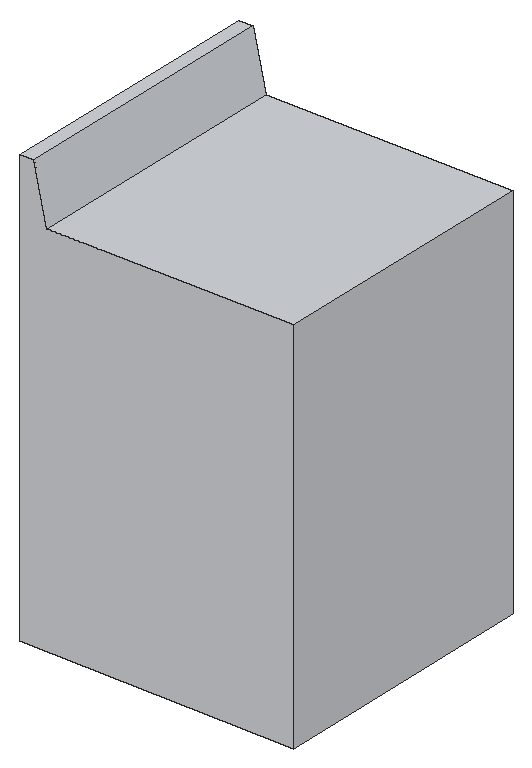
Revit family "59dad78e3dee4d04aa8c767711f6f21a", category Plumbing Fixtures, Revit 2021
Family settings
  Round Connector Dimension = Use Radius
  Part Type = Normal
  OmniClass Number = 23.45.70.11.11.11
  OmniClass Title = Washing Machines
  Seek Item ID = Washing Machine-0000-USA-ENU
  Work Plane-Based = No
  Always vertical = Yes
  Cut with Voids When Loaded = No
  Shared = No
  Room Calculation Point = No
Parameters (values of type "26"x26" - Public")
  Sanitary Radius = 1"
  Sanitary Diameter = Sanitary Radius * 2  # 2"
  Washing Machine Material = none
  Washing Machine Width = 2' - 2"
  Washing Machine Length = 2' - 2"
  Washing Machine Height = 3' - 0"
  WFU = 3
  Voltage = 120 V
  Number of Poles = 1
  Load Classification = Electric Clothes Dryer
  Hot Water Radius = 1/2"
  Hot Water Diameter = Hot Water Radius * 2  # 1"
  Half Washing Machine Width = Washing Machine Width / 2  # 1' - 1"
  HWFU = 2.25
  Flow Pressure [instance] = 8.00 psi
  Default Elevation = 0' - 0"
  Cold Water Radius = 1/2"
  Cold Water Diameter = Cold Water Radius * 2  # 1"
  CWFU = 2.25
  Assembly Code = ""
  Apparent Load = 600 VA
Types (4): name | Washing Machine Width | WFU | Half Washing Machine Width | HWFU | CWFU
  26"x26" - Private | 2' - 2" | 2 | 1' - 1" | 1 | 1
  26"x30" - Private | 2' - 6" | 2 | 1' - 3" | 1 | 1
  26"x26" - Public | 2' - 2" | 3 | 1' - 1" | 2.25 | 2.25
  26"x30" - Public | 2' - 6" | 3 | 1' - 3" | 2.25 | 2.25
Reference planes (in)
  plane 1 "Center (Front/Back)": y = 0
  plane 2: z = 0
  plane 3 "Center (Left/Right)": x = 0
  plane 4: y = 13
  plane 5: y = -13
  plane 6: x = 26
  plane 7: x = 1.3125
  plane 8: x = 2.59375
  plane 9: z = 36
  plane 10: z = 41.40625
Forms (in)
  Extrusion 1, solid, material <- "Washing Machine Material"
    sketch origin (0, 0, 0) x (1, 0, 0) y (0, 0, 1)
      loop
        line (26, 36) -> (2.59375, 36) -> (1.3125, 41.40625) -> (0, 41.40625) -> (0, 0) -> (26, 0) -> (26, 36)
    from -13 to 13
Dimensions and locks (in)
  "Half Washing Machine Width": plane 4 to plane 1 "Center (Front/Back)"
  "Half Washing Machine Width": plane 5 to plane 1 "Center (Front/Back)"
  "Washing Machine Length": plane 3 "Center (Left/Right)" to plane 6
  locked: plane 3 "Center (Left/Right)" to plane 7 at 1.3125
  locked: plane 7 to plane 8 at 1.28125
  "Washing Machine Height": plane 2 to plane 9
  locked: plane 10 to plane 9 at 5.40625
  locked: plane 1 "Center (Front/Back)" to connector elem at 4
  locked: plane 9 to connector elem at 12  (x2)
  locked: connector elem to plane 1 "Center (Front/Back)" at 4
  locked: level to connector elem at 4
  connector elem to plane 9 = 2' - 8"
  locked: connector elem to plane 1 "Center (Front/Back)" at 9.125
  aligned and locked: plane 6 to Extrusion 1 sketch curve
  aligned and locked: plane 9 to Extrusion 1 sketch curve
  aligned and locked: Extrusion 1 sketch curve to plane 3 "Center (Left/Right)"
  aligned and locked: plane 10 to Extrusion 1 sketch curve
  aligned and locked: plane 7 to Extrusion 1 sketch curve
  aligned and locked: plane 8 to Extrusion 1 sketch curve
  aligned and locked: Extrusion 1 to plane 5
  aligned and locked: plane 4 to Extrusion 1
Automatic sketch dimensions
  Extrusion 1 sketch curve to level = 0' - 0"
Connectors (in)
  piping at (0, 4, 24), diameter 1, driven by "Cold Water Radius", driven by "CWFU", driven by "Flow Pressure"
    settings: on plane 3 "Center (Left/Right)", index 1, connector inside diameter 1", connector length 0' - 0", flow factor 0, pipe flow 0 GPM, pressure drop 8.00 psi, fitting loss kfactor 0, connector angle 0.00°, fixture units 2.25, engagement length 0' - 0", angle of deflection 0.00°, flow configuration 3, flow direction 1, fitting loss method 4, system type 20, joint type 0, gender type 0, connector reference index -1, connector utility 0, adjustable connector no, is connector primary yes, connector description "In"
  piping at (0, -4, 24), diameter 1, driven by "Hot Water Radius", driven by "Flow Pressure", driven by "HWFU"
    settings: on plane 3 "Center (Left/Right)", index 2, connector inside diameter 1", connector length 0' - 0", flow factor 0, pipe flow 0 GPM, pressure drop 8.00 psi, fitting loss kfactor 0, connector angle 0.00°, fixture units 2.25, engagement length 0' - 0", angle of deflection 0.00°, flow configuration 3, flow direction 1, fitting loss method 4, system type 19, joint type 0, gender type 0, connector reference index -1, connector utility 0, adjustable connector no, is connector primary no, connector description "In"
  piping at (0, 0, 4), diameter 2, driven by "WFU", driven by "Sanitary Radius"
    settings: on plane 3 "Center (Left/Right)", index 3, connector inside diameter 2", connector length 0' - 0", flow factor 0, pipe flow 0 GPM, pressure drop 0.00 psi, fitting loss kfactor 0, connector angle 0.00°, fixture units 3, engagement length 0' - 0", angle of deflection 0.00°, flow configuration 3, flow direction 2, fitting loss method 0, system type 16, joint type 0, gender type 0, connector reference index -1, connector utility 0, adjustable connector yes, is connector primary no, connector description "Out"
  electrical at (0, -9.125, 4), driven by "Voltage", driven by "Apparent Load", driven by "Number of Poles", driven by "Apparent Load", driven by "Load Classification"
    settings: on plane 3 "Center (Left/Right)", index 4, voltage 120 V, apparent load 600 VA, apparent load phase1 600 VA, apparent load phase2 0 VA, apparent load phase3 0 VA, power factor 0.8, load classification "Electric Clothes Dryer", number of poles 1, system type 30, power factor state 1, is connector primary yes, connector utility no, sub classification motor no, connector description ""
